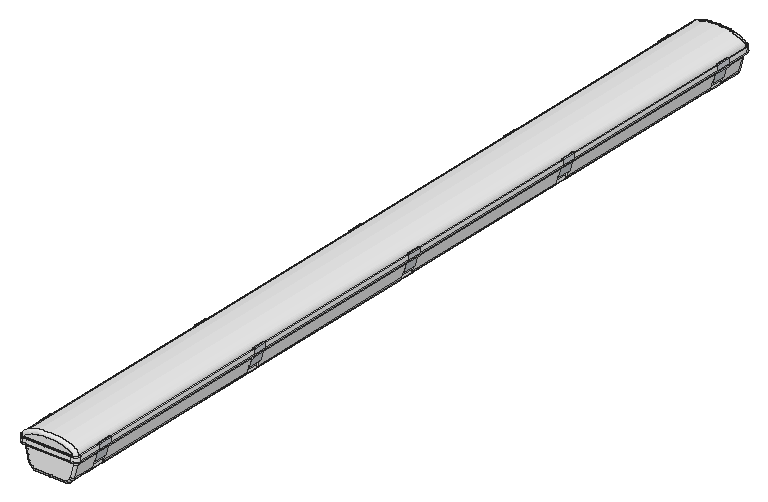
Revit family "0048624 Feilo Sylvania Lighting Fixture SRT WTRPRF LED G3 1500MM T 4K", category Lighting Fixtures, host Face, Revit 2017
Family settings
  Host = Face
  Round Connector Dimension = Use Diameter
  Part Type = Normal
  OmniClass Number = 23.80.70.11.14
  OmniClass Title = General Luminaries, Directional
  Cut with Voids When Loaded = Yes
  Light Source = Yes
  Shared = No
  Room Calculation Point = No
Parameters
  Width = 110 mm
  Weight = "2.42 kg"
  Wattage Comments = "n/a"
  Wattage = 58 W
  WarrantyStartDate [instance] = "n/a"
  WarrantyGuarantorParts = "n/a"
  WarrantyDurationUnit = "n/a"
  WarrantyDurationParts = "n/a"
  WarrantyDescription = "n/a"
  built-in parameter 1150110 = 1 (stored number, unit not read)
  Voltage = 230 V
  URL = "http://www.sylvania-lighting.com"
  TypeName = "SRT WTRPRF LED G3 1500MM T 4K"
  Type Image = <None>
  Type Comments = "n/a"
  built-in parameter 1114217 = 1 (stored number, unit not read)
  Tilt Angle = -90.00°
  built-in parameter 1150109 = 1 (stored number, unit not read)
  built-in parameter 1150134 = 12
  built-in parameter 1150113 = 1 (stored number, unit not read)
  SerialNumber [instance] = "n/a"
  ReflectorMaterial = none
  PowerFactor = 0.9
  PowerConsumption = "58 W"
  Photometric Web File = "0048624-C.ies"
  NominalWidth = 0 mm
  NominalLength = 1578 mm
  NominalHeight = 78 mm
  Name = "SRT WTRPRF LED G3 1500MM T 4K"
  ModelReference = "SRT WTRPRF LED G3 1500MM T 4K"
  ModelNumber = "0048624"
  Model = "SRT WTRPRF LED G3 1500MM T 4K"
  Material = "polycarbonate housing, polycarbonate diffuser"
  ManufacturerName = "Feilo Sylvania"
  Manufacturer = "Feilo Sylvania"
  LuminousEfficacy = "126 lm/W"
  built-in parameter 1150105 = 581.55 (stored number, unit not read)
  Lumens = 7308 lm
  LuminaireType = "Weatherproof"
  built-in parameter 1150115 = 1 (stored number, unit not read)
  LightOutputRatio = "n/a"
  built-in parameter 1150137 = (empty or 0)
  built-in parameter 1150139 = (empty or 0)
  Length = 1572 mm
  LampsType = Lamp  # "LED"
  LampNominalLuminous = "7300 lm"
  LampMacAdamStep = "3"
  LampColourTemperature = "4000 K"
  LampColourRenderingIndex = "80"
  built-in parameter 1150112 = 1 (stored number, unit not read)
  built-in parameter 1150114 = 1 (stored number, unit not read)
  Lamp = "LED"
  Keynote = "16500"
  InstallationDate [instance] = "n/a"
  InputVoltage = "220-240V~"
  InputNominalFrequency = "50/60 Hz"
  built-in parameter 1150132 = (empty or 0)
  built-in parameter 1150102 = (empty or 0)
  built-in parameter 1150107 = 4000 (stored number, unit not read)
  built-in parameter 1150138 = (empty or 0)
  IngressProtection = "IP65"
  ImpactProtectionIndex = "IK08"
  built-in parameter 1150106 = 5.8155 (stored number, unit not read)
  IfcExportType = "IfcLightFixtureType"
  IfcExportAs = "IfcLightFixtureType"
  ExpectedLife = 50000
  Emit from Rectangle Width = Width - 20 mm  # 90 mm
  Emit from Rectangle Length = Length - 20 mm  # 1552 mm
  Emit Shape Visible in Rendering = no
  ElectricShockClassification = "Class I"
  built-in parameter 1150104 = 11.706 (stored number, unit not read)
  DurationUnit = "hours"
  DocumentationLiterature = "http://www.sylvania-lighting.com/product/en-int/products/0048624"
  DimmingControlOptions = "Non dimmable"
  Dimming Lamp Color Temperature Shift = <None>
  DiffuserMaterial = Diffuser-Sylvania-Transparent
  Description = ""
  Default Elevation = 1219.2 mm
  CreatedOn = "11/9/2017"
  CreatedBy = ""
  Cost = 0
  Color Filter = 16777215
  built-in parameter 1114216 [instance] = (empty or 0)
  ClassificationValue = "EF_70_80"
  ClassificationName = "Uniclass2015"
  BodyMaterial = Body-Sylvania-Gray
  BarCode [instance] = "n/a"
  built-in parameter 1114218 = 1 (stored number, unit not read)
  built-in parameter 1150133 = 10 (stored number, unit not read)
  AssetType = "Fixed"
  AssetIdentifier [instance] = "n/a"
  Assembly Code = "D5020200"
  Apparent Load = 58 VA
  AccessoryMaterial = Diffuser-Sylvania-Glow
Reference planes
  plane 1 "Center (Front/Back)": y = 0
  plane 2: z = 0
  plane 3 "Center (Left/Right)": x = 0
  plane 4: z = 54
  plane 5: x = -27.7
  plane 6: x = -34.8
  plane 7: x = -39.6
  plane 8: x = -42.2
  plane 9: z = 3
  plane 10: z = 7.8
  plane 11: z = 12.3
  plane 12: z = 36.6
  plane 13: z = 42.8
  plane 14: x = -51.1
  plane 15: z = 46.2
  plane 16: x = -55
  plane 17: y = 786
  plane 18: y = -786
  plane 19: x = 27.7
  plane 20: x = 34.8
  plane 21: x = 39.6
  plane 22: x = 42.2
  plane 23: x = 51.1
  plane 24: x = 55
  plane 25: y = 778.4
  plane 26: y = -778.4
  plane 27: y = -774.7
  plane 28: y = 774.7
  plane 29: z = 74
  plane 30: x = -51.5
  plane 31: x = 51.5
  plane 32: z = 55.2
  plane 33: y = -782.5
  plane 34: y = 782.5
  plane 35: x = -37.5
  plane 36: x = 37.5
  plane 37: x = -48.7
  plane 38: x = 48.7
  plane 39: x = 18
  plane 40: x = -18
  plane 41: z = 50.2
  plane 42: z = 24.6
  plane 43: y = 720
  plane 44: y = 706
  plane 45: y = 734
  plane 46: y = -720
  plane 47: y = 720
  plane 48: y = 706
  plane 49: y = 734
  plane 50: y = -720
  plane 51: y = -734
  plane 52: y = -706
  plane 53: y = 360
  plane 54: y = 346
  plane 55: y = 374
  plane 56: y = 0
  plane 57: y = -14
  plane 58: y = 14
  plane 59: y = -360
  plane 60: y = -374
  plane 61: y = -346
Forms (mm)
  Sweep 1, solid, material "Body-Sylvania-Gray" <- "BodyMaterial", detail levels medium+fine
    path origin (1223.4, -4572, 54) x (0, -1, 0) y (1, 0, 0)
      loop
        arc (-3796, -1278.4) -> (-3788.929, -1275.471) -> (-3786, -1268.4) r 10
        line (-3786, -1268.4) -> (-3786, -1178.4)
        arc (-3786, -1178.4) -> (-3788.929, -1171.329) -> (-3796, -1168.4) r 10
        line (-3796, -1168.4) -> (-5348, -1168.4)
        arc (-5348, -1168.4) -> (-5355.071, -1171.329) -> (-5358, -1178.4) r 10
        line (-5358, -1178.4) -> (-5358, -1268.4)
        arc (-5358, -1268.4) -> (-5355.071, -1275.471) -> (-5348, -1278.4) r 10
        line (-5348, -1278.4) -> (-3796, -1278.4)
    profile origin (-55, 0, 54) x (-1, 0, 0) y (0, 0, 1)
      loop
        line (0, 0) -> (-1, 0) -> (-1, -7.726)
        arc (-1, -7.726) -> (-1.994, -9.498) -> (-3.9, -10.2) r 2.937
        line (-3.9, -10.2) -> (-8.571, -10.2) -> (-8.571, -11.2) -> (-3.9, -11.2)
        arc (-3.9, -11.2) -> (-1.313, -10.231) -> (0, -7.8) r 3.937
        line (0, -7.8) -> (0, 0)
  Sweep 2, solid, material "Body-Sylvania-Gray" <- "BodyMaterial", detail levels medium+fine
    path origin (0, 0, 0) x (1, 0, 0) y (0, 0, 1)
      loop
        line (48.7, 42.8) -> (48.7, 36.6) -> (42.203, 12.31)
        arc (42.203, 12.31) -> (41.199, 9.884) -> (39.6, 7.8) r 10.052
        line (39.6, 7.8) -> (34.8, 3)
        arc (34.8, 3) -> (31.554, 0.781) -> (27.7, 0) r 9.902
        line (27.7, 0) -> (0, 0) -> (-27.7, 0)
        arc (-27.7, 0) -> (-31.554, 0.781) -> (-34.8, 3) r 9.902
        line (-34.8, 3) -> (-39.6, 7.8)
        arc (-39.6, 7.8) -> (-41.199, 9.884) -> (-42.203, 12.31) r 10.052
        line (-42.203, 12.31) -> (-48.7, 36.6) -> (-48.7, 42.8)
    profile origin (0, 0, 0) x (0, 0, -1) y (0, -1, 0)
      loop
        arc (0, 773.4) -> (-1.464, 776.936) -> (-5, 778.4) r 5
        line (-5, 778.4) -> (-7.8, 778.4) -> (-7.8, -778.4) -> (-5, -778.4)
        arc (-5, -778.4) -> (-1.464, -776.936) -> (0, -773.4) r 5
        line (0, -773.4) -> (0, 773.4)
  Extrusion 3, solid, material "Body-Sylvania-Gray" <- "BodyMaterial", detail levels medium+fine
    sketch origin (1524, 778.4, 1219.2) x (1, 0, 0) y (0, 0, 1)
      loop
        arc (-1558.668, -1204.874) -> (-1558.443, -1205.418) -> (-1558.085, -1205.885) r 2.252
        line (-1558.085, -1205.885) -> (-1553.231, -1210.738)
        arc (-1553.231, -1210.738) -> (-1552.534, -1211.227) -> (-1551.7, -1211.4) r 2.102
        line (-1551.7, -1211.4) -> (-1496.3, -1211.4)
        arc (-1496.3, -1211.4) -> (-1495.466, -1211.227) -> (-1494.769, -1210.738) r 2.102
        line (-1494.769, -1210.738) -> (-1489.915, -1205.885)
        arc (-1489.915, -1205.885) -> (-1489.557, -1205.418) -> (-1489.332, -1204.874) r 2.252
        line (-1489.332, -1204.874) -> (-1483.1, -1181.575) -> (-1483.1, -1176.4) -> (-1564.9, -1176.4) -> (-1564.9, -1181.575) -> (-1558.668, -1204.874)
    from 0 to 1556.8
  Sweep 4, solid, material "Diffuser-Sylvania-Transparent" <- "DiffuserMaterial", detail levels medium+fine
    path origin (0, 0, 0) x (1, 0, 0) y (0, 0, 1)
      loop
        spline (-51.5, 55.2) -> (-49.745, 60.066) -> (-44.6, 64.6) -> (-36.416, 68.494) -> (-25.75, 71.481) -> (-13.329, 73.359) -> (0, 74) -> (13.329, 73.359) -> (25.75, 71.481) -> (36.416, 68.494) -> (44.6, 64.6) -> (49.745, 60.066) -> (51.5, 55.2)
    profile origin (51.5, 0, 55.2) x (0, -1, 0) y (1, 0, 0)
      loop
        arc (782.5, -5.5) -> (780.889, -1.611) -> (777, 0) r 5.5
        line (777, 0) -> (-777, 0)
        arc (-777, 0) -> (-780.889, -1.611) -> (-782.5, -5.5) r 5.5
        line (-782.5, -5.5) -> (-782.5, -6.3) -> (-781.5, -6.3) -> (-781.5, -5.5)
        arc (-781.5, -5.5) -> (-780.182, -2.318) -> (-777, -1) r 4.5
        line (-777, -1) -> (777, -1)
        arc (777, -1) -> (780.182, -2.318) -> (781.5, -5.5) r 4.5
        line (781.5, -5.5) -> (781.5, -6.347) -> (782.5, -6.347) -> (782.5, -5.5)
  Extrusion 5, solid, material "Diffuser-Sylvania-Transparent" <- "DiffuserMaterial", detail levels medium+fine
    sketch origin (1524, -782.5, 1219.2) x (1, 0, 0) y (0, 0, 1)
      loop
        line (-1569.653, -1164) -> (-1478.347, -1164)
        spline (-1478.347, -1164) -> (-1478.969, -1162.594) -> (-1482.527, -1159.545) -> (-1489.588, -1156.201) -> (-1499.458, -1153.445) -> (-1511.242, -1151.663) -> (-1524, -1151.049) -> (-1536.758, -1151.663) -> (-1548.542, -1153.445) -> (-1558.412, -1156.201) -> (-1565.473, -1159.545) -> (-1569.031, -1162.594) -> (-1569.653, -1164)
    from 0 to -1
  Extrusion 6, solid, material "Diffuser-Sylvania-Transparent" <- "DiffuserMaterial", detail levels medium+fine
    sketch origin (1524, 782.5, 1219.2) x (1, 0, 0) y (0, 0, 1)
      loop
        spline (-1478.3, -1164) -> (-1478.931, -1162.565) -> (-1482.502, -1159.505) -> (-1489.572, -1156.155) -> (-1499.446, -1153.394) -> (-1511.236, -1151.614) -> (-1524, -1151.007) -> (-1536.764, -1151.614) -> (-1548.554, -1153.394) -> (-1558.428, -1156.155) -> (-1565.498, -1159.505) -> (-1569.069, -1162.565) -> (-1569.7, -1164)
        line (-1569.7, -1164) -> (-1478.3, -1164)
    from 0 to 1
  Extrusion 7, solid, material "Diffuser-Sylvania-Transparent" <- "DiffuserMaterial", detail levels medium+fine
    sketch origin (1223.4, -4572, 55.2) x (0, -1, 0) y (-1, 0, 0)
      loop
        arc (-5353.5, 1177.4) -> (-5352.182, 1174.218) -> (-5349, 1172.9) r 4.5
        line (-5349, 1172.9) -> (-3795, 1172.9)
        arc (-3795, 1172.9) -> (-3791.818, 1174.218) -> (-3790.5, 1177.4) r 4.5
        line (-3790.5, 1177.4) -> (-3790.5, 1269.4)
        arc (-3790.5, 1269.4) -> (-3791.818, 1272.582) -> (-3795, 1273.9) r 4.5
        line (-3795, 1273.9) -> (-5349, 1273.9)
        arc (-5349, 1273.9) -> (-5352.182, 1272.582) -> (-5353.5, 1269.4) r 4.5
        line (-5353.5, 1269.4) -> (-5353.5, 1177.4)
      loop
        line (-5358, 1268.4) -> (-5358, 1178.4)
        arc (-5358, 1178.4) -> (-5355.071, 1171.329) -> (-5348, 1168.4) r 10
        line (-5348, 1168.4) -> (-3796, 1168.4)
        arc (-3796, 1168.4) -> (-3788.929, 1171.329) -> (-3786, 1178.4) r 10
        line (-3786, 1178.4) -> (-3786, 1268.4)
        arc (-3786, 1268.4) -> (-3788.929, 1275.471) -> (-3796, 1278.4) r 10
        line (-3796, 1278.4) -> (-5348, 1278.4)
        arc (-5348, 1278.4) -> (-5355.071, 1275.471) -> (-5358, 1268.4) r 10
    from 0 to 1.2
  Extrusion 8, solid, material "Diffuser-Sylvania-Glow" <- "AccessoryMaterial", detail levels fine
    sketch origin (0, 0, 0) x (1, 0, 0) y (0, 0, 1)
      loop
        circle (-18, 50.2) r 8
      loop
        circle (18, 50.2) r 8
    from -774.7 to 774.7
  Extrusion 9, void
    sketch origin (0, 720, 2343.807) x (0, 0, -1) y (-1, 0, 0)
      loop
        line (2340.807, -37.5) -> (2331.507, -37.5) -> (2319.207, -42.2) -> (2319.207, -48.7) -> (2340.807, -48.7) -> (2340.807, -37.5)
      loop
        line (2340.807, 37.5) -> (2340.807, 48.7) -> (2319.207, 48.7) -> (2319.207, 42.2) -> (2331.507, 37.5) -> (2340.807, 37.5)
    from -14 to 14
  Extrusion 10, solid, material "Body-Sylvania-Gray" <- "BodyMaterial", detail levels coarse
    sketch origin (0, 0, 0) x (1, 0, 0) y (0, 0, 1)
      loop
        line (55, 42.8) -> (55, 55.2) -> (-55, 55.2) -> (-55, 42.791) -> (-42.2, 0) -> (42.2, 0) -> (55, 42.8)
    from -786 to 786
  Extrusion 11, solid, material "Diffuser-Sylvania-Transparent" <- "DiffuserMaterial", detail levels coarse
    sketch origin (0, 0, 0) x (1, 0, 0) y (0, 0, 1)
      loop
        arc (51.5, 55.2) -> (0, 74) -> (-51.5, 55.2) r 79.939
        line (-51.5, 55.2) -> (51.5, 55.2)
    from 778.4 to -778.4
  Extrusion 12, void, not visible
    sketch origin (0, 720, 2343.807) x (0, 0, -1) y (-1, 0, 0)
      loop
        line (2340.807, -37.5) -> (2331.507, -37.5) -> (2319.207, -42.2) -> (2319.207, -48.7) -> (2340.807, -48.7) -> (2340.807, -37.5)
      loop
        line (2340.807, 37.5) -> (2340.807, 48.7) -> (2319.207, 48.7) -> (2319.207, 42.2) -> (2331.507, 37.5) -> (2340.807, 37.5)
    from -14 to 14
  Extrusion 13, void
    sketch origin (0, -720, 2343.807) x (0, 0, -1) y (-1, 0, 0)
      loop
        line (2340.807, -37.5) -> (2331.507, -37.5) -> (2319.207, -42.2) -> (2319.207, -48.7) -> (2340.807, -48.7) -> (2340.807, -37.5)
      loop
        line (2340.807, 37.5) -> (2340.807, 48.7) -> (2319.207, 48.7) -> (2319.207, 42.2) -> (2331.507, 37.5) -> (2340.807, 37.5)
    from -14 to 14
  Extrusion 14, void
    sketch origin (0, 360, 2343.807) x (0, 0, -1) y (-1, 0, 0)
      loop
        line (2340.807, -37.5) -> (2331.507, -37.5) -> (2319.207, -42.2) -> (2319.207, -48.7) -> (2340.807, -48.7) -> (2340.807, -37.5)
      loop
        line (2340.807, 37.5) -> (2340.807, 48.7) -> (2319.207, 48.7) -> (2319.207, 42.2) -> (2331.507, 37.5) -> (2340.807, 37.5)
    from -14 to 14
  Extrusion 15, void
    sketch origin (0, 0, 2343.807) x (0, 0, -1) y (-1, 0, 0)
      loop
        line (2340.807, -37.5) -> (2331.507, -37.5) -> (2319.207, -42.2) -> (2319.207, -48.7) -> (2340.807, -48.7) -> (2340.807, -37.5)
      loop
        line (2340.807, 37.5) -> (2340.807, 48.7) -> (2319.207, 48.7) -> (2319.207, 42.2) -> (2331.507, 37.5) -> (2340.807, 37.5)
    from -14 to 14
  Extrusion 16, void
    sketch origin (0, -360, 2343.807) x (0, 0, -1) y (-1, 0, 0)
      loop
        line (2340.807, -37.5) -> (2331.507, -37.5) -> (2319.207, -42.2) -> (2319.207, -48.7) -> (2340.807, -48.7) -> (2340.807, -37.5)
      loop
        line (2340.807, 37.5) -> (2340.807, 48.7) -> (2319.207, 48.7) -> (2319.207, 42.2) -> (2331.507, 37.5) -> (2340.807, 37.5)
    from -14 to 14
Cuts and joins
  Extrusion 9, Extrusion 13, Extrusion 14, Extrusion 15, Extrusion 16 cuts Sweep 2
  Extrusion 13, Extrusion 14, Extrusion 15, Extrusion 16 cuts Extrusion 3
  joined: Sweep 2, Extrusion 3
  joined: Sweep 4, Extrusion 5, Extrusion 6
Dimensions and locks
  locked: plane 4 to plane 2 at 54
  plane 5 to plane 6 to plane 7 to plane 8 to plane 14 to plane 16 = 7.1 mm locked, 4.8 mm locked, 2.6 mm locked, 8.9 mm, 3.9 mm
  plane 4 to plane 15 to plane 13 to plane 12 to plane 11 to plane 10 to plane 9 = 7.8 mm locked, 3.4 mm, 6.2 mm locked, 24.3 mm locked, 4.5 mm locked, 4.8 mm locked
  equal spacing: plane 18, plane 1 "Center (Front/Back)", plane 17
  "Length": plane 18 to plane 17
  plane 19 to plane 20 to plane 21 to plane 22 to plane 23 to plane 24 = 7.1 mm locked, 4.8 mm locked, 2.6 mm locked, 8.9 mm, 3.9 mm
  equal spacing: plane 24, plane 3 "Center (Left/Right)", plane 16
  "Width": plane 24 to plane 16
  equal spacing: plane 27, plane 1 "Center (Front/Back)", plane 28
  locked: plane 26 to plane 27 at 3.7
  locked: Sweep 1 sketch curve to profile plane at 1
  locked: Sweep 1 sketch curve to plane 13 at 1
  locked: Sweep 1 sketch curve to plane 13 at 3.937  (x2)
  locked: Sweep 1 sketch curve to profile plane at 3.9  (x2)
  locked: plane 29 to plane 4 at 20
  equal spacing: plane 31, plane 3 "Center (Left/Right)", plane 30
  locked: plane 30 to plane 16 at 3.5
  locked: plane 32 to plane 4 at 1.2
  equal spacing: plane 33, plane 1 "Center (Front/Back)", plane 34
  equal spacing: plane 36, plane 3 "Center (Left/Right)", plane 35
  locked: plane 3 "Center (Left/Right)" to plane 35 at 37.5
  locked: plane 34 to plane 17 at 3.5
  equal spacing: plane 38, plane 3 "Center (Left/Right)", plane 37
  locked: plane 37 to plane 16 at 6.3
  equal spacing: plane 25, plane 1 "Center (Front/Back)", plane 26
  locked: plane 17 to plane 25 at 7.6
  locked: Sweep 2 sketch curve to plane 2 at 5  (x2)
  locked: Sweep 2 sketch curve to plane 26 at 5
  locked: plane 25 to Sweep 2 sketch curve at 5
  locked: Sweep 4 sketch curve to plane 31 at 5.5  (x2)
  locked: Sweep 4 sketch curve to plane 34 at 5.5
  plane 33 to Sweep 4 sketch curve = 5.5 mm
  locked: plane 34 to Sweep 4 sketch curve at 1
  locked: Sweep 4 sketch curve to plane 31 at 1
  locked: Sweep 4 sketch curve to Sweep 4 sketch curve at 1
  locked: Sweep 4 sketch curve to plane 31 at 6.347
  locked: Sweep 4 sketch curve to plane 31 at 6.3
  equal spacing: plane 39, plane 3 "Center (Left/Right)", plane 40
  locked: plane 3 "Center (Left/Right)" to plane 40 at 18
  locked: plane 42 to plane 2 at 24.6
  plane 45 to plane 43 to plane 44 = 14 mm locked, 14 mm locked
  locked: plane 17 to plane 43 at 66
  equal spacing: plane 43, plane 1 "Center (Front/Back)", plane 46
  plane 49 to plane 47 to plane 48 = 14 mm locked, 14 mm locked
  plane 52 to plane 50 to plane 51 = 14 mm locked, 14 mm locked  (x2)
  equal spacing: group 1, group 6, group 7, group 8, group 5  (x2)
  equal spacing: group 5, group 8, group 7, group 6, group 1
  plane 55 to plane 53 to plane 54 = 14 mm locked, 14 mm locked  (x2)
  plane 58 to plane 56 to plane 57 = 14 mm locked, 14 mm locked  (x2)
  plane 61 to plane 59 to plane 60 = 14 mm locked, 14 mm locked  (x2)
  plane 43 to plane 53 to plane 1 "Center (Front/Back)" to plane 59 to plane 50 = 360 mm locked, 360 mm locked, 360 mm locked, 360 mm locked
  aligned and locked: plane 2 to host face
  aligned and locked: level to host face
  aligned and locked: plane 16 to Sweep 1 sketch curve
  aligned and locked: Sweep 1 sketch curve to plane 24
  aligned and locked: plane 18 to Sweep 1 sketch curve
  aligned and locked: Sweep 1 sketch curve to plane 13
  aligned and locked: profile plane to Sweep 1 sketch curve
  aligned and locked: plane 3 "Center (Left/Right)" to Sweep 2 sketch curve
  aligned and locked: plane 9 to Sweep 2 sketch curve
  aligned and locked: plane 10 to Sweep 2 sketch curve
  aligned and locked: plane 37 to Sweep 2 sketch curve
  aligned and locked: plane 12 to Sweep 2 sketch curve
  aligned and locked: Sweep 2 sketch curve to level
  aligned and locked: plane 21 to Sweep 2 sketch curve
  aligned and locked: plane 38 to Sweep 2 sketch curve
  aligned and locked: profile plane to Sweep 2 sketch curve
  aligned and locked: plane 25 to Sweep 2 sketch curve
  aligned and locked: Sweep 2 sketch curve to plane 10
  aligned and locked: Extrusion 3 sketch curve to Sweep 2  (x7)
  aligned and locked: Sweep 2 to Extrusion 3 sketch curve
  aligned and locked: Extrusion 3 to plane 25
  aligned and locked: plane 26 to Extrusion 3
  aligned and locked: plane 32 to Sweep 4 sketch curve
  aligned and locked: plane 33 to Sweep 4 sketch curve
  aligned and locked: Sweep 4 to Extrusion 5
  aligned and locked: plane 33 to Extrusion 5
  aligned and locked: Extrusion 5 sketch curve to Sweep 4
  aligned and locked: cut or joined group of Sweep 4, Extrusion 5, Extrusion 6 to Extrusion 6 sketch curve
  aligned and locked: Extrusion 7 sketch curve to cut or joined group of Sweep 4, Extrusion 5, Extrusion 6  (x2)
  aligned and locked: cut or joined group of Sweep 4, Extrusion 5, Extrusion 6 to Extrusion 7 sketch curve  (x2)
  aligned and locked: plane 41 to Extrusion 8 sketch curve  (x2)
  aligned and locked: plane 39 to Extrusion 8 sketch curve
  aligned and locked: plane 27 to Extrusion 8
  aligned and locked: Extrusion 8 to plane 28
  aligned and locked: Extrusion 9 to plane 42
  aligned and locked: plane 9 to Extrusion 9
  aligned and locked: plane 44 to Extrusion 9
  aligned and locked: Extrusion 9 to plane 45
  aligned and locked: Extrusion 7 sketch curve to Sweep 1  (x4)
  aligned and locked: plane 4 to Extrusion 7
  aligned and locked: Extrusion 7 to plane 32
  aligned and locked: nested 2 to plane 43
  aligned and locked: plane 43 to nested 1
  aligned and locked: Extrusion 10 sketch curve to plane 24
  aligned and locked: Extrusion 10 sketch curve to Extrusion 7
  aligned and locked: plane 8 to Extrusion 10 sketch curve
  aligned and locked: plane 22 to Extrusion 10 sketch curve
  aligned and locked: level to Extrusion 10 sketch curve
  aligned and locked: Extrusion 10 to plane 17
  aligned and locked: plane 18 to Extrusion 10
  aligned and locked: cut or joined group of Sweep 4, Extrusion 5, Extrusion 6 to Extrusion 11 sketch curve
  aligned and locked: Extrusion 11 sketch curve to cut or joined group of Sweep 4, Extrusion 5, Extrusion 6  (x2)
  aligned and locked: plane 31 to Extrusion 11 sketch curve
  aligned and locked: plane 30 to Extrusion 11 sketch curve
  aligned and locked: plane 26 to Extrusion 11
  aligned and locked: Extrusion 11 to plane 25
  aligned and locked: imposter light to plane 29
  aligned and locked: plane 3 "Center (Left/Right)" to imposter light
  aligned and locked: plane 1 "Center (Front/Back)" to imposter light
  aligned and locked: plane 51 to Extrusion 13
  aligned and locked: Extrusion 13 to plane 52
  aligned and locked: plane 54 to Extrusion 14
  aligned and locked: Extrusion 14 to plane 55
  aligned and locked: plane 57 to Extrusion 15
  aligned and locked: Extrusion 15 to plane 58
  aligned and locked: plane 60 to Extrusion 16
  aligned and locked: Extrusion 16 to plane 61
  aligned and locked: nested 3 to plane 53
  aligned and locked: plane 53 to nested 10
  aligned and locked: nested 4 to plane 56
  aligned and locked: plane 56 to nested 9
  aligned and locked: nested 5 to plane 59
  aligned and locked: plane 59 to nested 8
  aligned and locked: nested 6 to plane 50
  aligned and locked: plane 50 to nested 7
Automatic sketch dimensions
  host sketch curve to host sketch curve = 2438.4 mm  (x2)
  plane 17 to Sweep 1 sketch curve = 0 mm
  Sweep 1 sketch curve to plane 28 = 1.3 mm
  Sweep 1 sketch curve to plane 7 = 5.4 mm
  plane 27 to Sweep 1 sketch curve = 1.3 mm  (x2)
  Sweep 1 sketch curve to Sweep 1 sketch curve = 4.671 mm
  Sweep 1 sketch curve to plane 4 = 0 mm
  Sweep 2 sketch curve to plane 7 = 0 mm
  Sweep 2 sketch curve to plane 6 = 0 mm
  Sweep 2 sketch curve to plane 5 = 0 mm
  plane 19 to Sweep 2 sketch curve = 0 mm
  Sweep 2 sketch curve to plane 9 = 0 mm
  plane 20 to Sweep 2 sketch curve = 0 mm
  Sweep 2 sketch curve to plane 12 = 0 mm
  Sweep 2 sketch curve to plane 10 = 0 mm
  Sweep 2 sketch curve to plane 13 = 0 mm  (x2)
  Sweep 2 sketch curve to plane 8 = 0.003 mm
  plane 6 to Sweep 2 sketch curve = 2.308 mm
  plane 20 to Sweep 2 sketch curve = 2.308 mm
  Sweep 2 sketch curve to plane 22 = 0.003 mm
  Sweep 2 sketch curve to plane 11 = 0.01 mm  (x2)
  Extrusion 3 sketch curve to plane 5 = 0 mm
  plane 19 to Extrusion 3 sketch curve = 0 mm
  plane 6 to Extrusion 3 sketch curve = 0.132 mm
  plane 6 to Extrusion 3 sketch curve = 0.715 mm
  Extrusion 3 sketch curve to Extrusion 3 sketch curve = 1.592 mm
  Extrusion 3 sketch curve to plane 10 = 0.662 mm  (x2)
  plane 20 to Extrusion 3 sketch curve = 2.308 mm
  plane 20 to Extrusion 3 sketch curve = 0.715 mm
  plane 20 to Extrusion 3 sketch curve = 0.132 mm
  Sweep 4 sketch curve to plane 30 = 0 mm
  Sweep 4 sketch curve to plane 3 "Center (Left/Right)" = 0 mm
  Sweep 4 sketch curve to Sweep 4 sketch curve = 0 mm  (x2)
  plane 37 to Extrusion 5 sketch curve = 3.047 mm
  Extrusion 5 sketch curve to plane 38 = 3.047 mm
  plane 37 to Extrusion 6 sketch curve = 3 mm
  Extrusion 6 sketch curve to plane 38 = 3 mm
  plane 25 to Extrusion 7 sketch curve = 1.4 mm  (x2)
  Extrusion 7 sketch curve to plane 26 = 1.4 mm  (x2)
  Extrusion 8 sketch curve to plane 40 = 0 mm
  Extrusion 9 sketch curve to Extrusion 9 sketch curve = 0 mm
  Extrusion 9 sketch curve to Extrusion 9 sketch curve = 12.3 mm  (x2)
  Extrusion 9 sketch curve to Extrusion 9 sketch curve = 9.3 mm  (x2)
  Extrusion 9 sketch curve to Extrusion 9 sketch curve = 6.5 mm
  Extrusion 9 sketch curve to Extrusion 9 sketch curve = 4.7 mm  (x2)
  Extrusion 9 sketch curve to Extrusion 9 sketch curve = 75 mm
  Extrusion 9 sketch curve to Extrusion 9 sketch curve = 11.2 mm
  Extrusion 10 sketch curve to plane 13 = 0 mm
  plane 13 to Extrusion 10 sketch curve = 0.009 mm
  Extrusion 11 sketch curve to level = 5.939 mm
  Extrusion 10 sketch curve to plane 16 = 0 mm
  Extrusion 12 sketch curve to Extrusion 12 sketch curve = 0 mm
  Extrusion 12 sketch curve to Extrusion 12 sketch curve = 12.3 mm  (x2)
  Extrusion 12 sketch curve to Extrusion 12 sketch curve = 9.3 mm  (x2)
  Extrusion 12 sketch curve to Extrusion 12 sketch curve = 6.5 mm
  Extrusion 12 sketch curve to Extrusion 12 sketch curve = 4.7 mm  (x2)
  Extrusion 12 sketch curve to Extrusion 12 sketch curve = 75 mm
  Extrusion 12 sketch curve to Extrusion 12 sketch curve = 11.2 mm
  Extrusion 13 sketch curve to Extrusion 13 sketch curve = 0 mm
  Extrusion 13 sketch curve to Extrusion 13 sketch curve = 12.3 mm  (x2)
  Extrusion 13 sketch curve to Extrusion 13 sketch curve = 9.3 mm  (x2)
  Extrusion 13 sketch curve to Extrusion 13 sketch curve = 6.5 mm
  Extrusion 13 sketch curve to Extrusion 13 sketch curve = 4.7 mm  (x2)
  Extrusion 13 sketch curve to Extrusion 13 sketch curve = 75 mm
  Extrusion 13 sketch curve to Extrusion 13 sketch curve = 11.2 mm
  Extrusion 14 sketch curve to Extrusion 14 sketch curve = 0 mm
  Extrusion 14 sketch curve to Extrusion 14 sketch curve = 12.3 mm  (x2)
  Extrusion 14 sketch curve to Extrusion 14 sketch curve = 9.3 mm  (x2)
  Extrusion 14 sketch curve to Extrusion 14 sketch curve = 6.5 mm
  Extrusion 14 sketch curve to Extrusion 14 sketch curve = 4.7 mm  (x2)
  Extrusion 14 sketch curve to Extrusion 14 sketch curve = 75 mm
  Extrusion 14 sketch curve to Extrusion 14 sketch curve = 11.2 mm
  Extrusion 15 sketch curve to Extrusion 15 sketch curve = 0 mm
  Extrusion 15 sketch curve to Extrusion 15 sketch curve = 12.3 mm  (x2)
  Extrusion 15 sketch curve to Extrusion 15 sketch curve = 9.3 mm  (x2)
  Extrusion 15 sketch curve to Extrusion 15 sketch curve = 6.5 mm
  Extrusion 15 sketch curve to Extrusion 15 sketch curve = 4.7 mm  (x2)
  Extrusion 15 sketch curve to Extrusion 15 sketch curve = 75 mm
  Extrusion 15 sketch curve to Extrusion 15 sketch curve = 11.2 mm
  Extrusion 16 sketch curve to Extrusion 16 sketch curve = 0 mm
  Extrusion 16 sketch curve to Extrusion 16 sketch curve = 12.3 mm  (x2)
  Extrusion 16 sketch curve to Extrusion 16 sketch curve = 9.3 mm  (x2)
  Extrusion 16 sketch curve to Extrusion 16 sketch curve = 6.5 mm
  Extrusion 16 sketch curve to Extrusion 16 sketch curve = 4.7 mm  (x2)
  Extrusion 16 sketch curve to Extrusion 16 sketch curve = 75 mm
  Extrusion 16 sketch curve to Extrusion 16 sketch curve = 11.2 mm
  radius of Extrusion 8 sketch curve = 8 mm  (x2)
Nested families
  nested 1: "Clip" at (42.2, 720, 24.6), type "Clip", detail levels fine
  nested 2: "Clip" at (-42.2, 720, 24.6) x (-1, 0, 0) z (0, 0, 1), type "Clip", detail levels fine
  nested 3: "Clip" at (-42.2, 360, 24.6) x (-1, 0, 0) z (0, 0, 1), type "Clip", detail levels fine
  nested 4: "Clip" at (-42.2, 0, 24.6) x (-1, 0, 0) z (0, 0, 1), type "Clip", detail levels fine
  nested 5: "Clip" at (-42.2, -360, 24.6) x (-1, 0, 0) z (0, 0, 1), type "Clip", detail levels fine
  nested 6: "Clip" at (-42.2, -720, 24.6) x (-1, 0, 0) z (0, 0, 1), type "Clip", detail levels fine
  nested 7: "Clip" at (42.2, -720, 24.6), type "Clip", detail levels fine
  nested 8: "Clip" at (42.2, -360, 24.6), type "Clip", detail levels fine
  nested 9: "Clip" at (42.2, 0, 24.6), type "Clip", detail levels fine
  nested 10: "Clip" at (42.2, 360, 24.6), type "Clip", detail levels fine
Connectors
  electrical at (0, 0, 0), driven by "Apparent Load"
    settings: index 1, voltage 230 V, apparent load 58 VA, apparent load phase1 0 VA, apparent load phase2 0 VA, apparent load phase3 0 VA, power factor 0, load classification "Lighting", number of poles 1, system type 30, power factor state 1, is connector primary yes, connector utility no, sub classification motor no, connector description ""
Definition of nested family "Clip"
  Parameters (values of type "Clip")
    URL = "http://www.feilosylvania.com"
    Type Comments = "n/a"
    Model = "n/a"
    Manufacturer = "Feilo Sylvania"
    Keynote = "n/a"
    Description = "n/a"
    Default Elevation = 1219.2 mm
    Cost = 0
    BodyMaterial = none
    Assembly Code = "n/a"
  Reference planes
    plane 1 "Center (Front/Back)": y = 0
    plane 2: z = 0
    plane 3 "Center (Left/Right)": x = 0
    plane 4: x = 3.3
    plane 5: x = 6.5
    plane 6: x = 8.9
    plane 7: x = 12.8
    plane 8: z = 12
    plane 9: z = 18.2
    plane 10: z = 21.6
    plane 11: z = 30.6
    plane 12: x = 9.3
    plane 13: z = 19.2
    plane 14: z = 16.2
    plane 15: x = 10.1
    plane 16: y = 12
    plane 17: y = -12
  Forms (mm)
    Extrusion 1, solid
      sketch origin (-0.8, 0, 0) x (1, 0, 0) y (0, 1, 0)
        loop
          line (-1219.2, 1219.2) -> (-1219.2, -1219.2) -> (1219.2, -1219.2) -> (1219.2, 1219.2) -> (-1219.2, 1219.2)
      from 0 to -304.8
    Extrusion 2, solid
      sketch origin (0, 0, 0) x (1, 0, 0) y (0, 0, 1)
        loop
          line (8.9, 16.2) -> (4.58, 0) -> (0, 0) -> (0, -0.8) -> (5.195, -0.8) -> (9.603, 15.731) -> (13.6, 18.806) -> (13.6, 30.6)
          arc (13.6, 30.6) -> (11.45, 32.75) -> (9.3, 30.6) r 2.15
          line (9.3, 30.6) -> (10.1, 30.6)
          arc (10.1, 30.6) -> (11.45, 31.95) -> (12.8, 30.6) r 1.35
          line (12.8, 30.6) -> (12.8, 19.2) -> (8.9, 16.2)
      from -12 to 12
  Lines and regions (mm)
    reference lines
      curve 1: line (3.3, 0, 0) -> (6.5, 0, 12)
      curve 2: arc (8.9, 0, 18.2) -> (11.488, 0, 19.169) -> (12.8, 0, 21.6) r 3.934
  Dimensions and locks
    plane 7 to plane 6 to plane 5 to plane 4 to plane 3 "Center (Left/Right)" = 3.9 mm locked, 2.4 mm locked, 3.2 mm locked, 3.3 mm locked
    plane 11 to plane 10 to plane 9 to plane 8 to plane 2 = 9 mm locked, 3.4 mm locked, 6.2 mm locked, 12 mm locked
    locked: plane 7 to plane 12 at 3.5
    locked: plane 13 to plane 9 at 1
    locked: plane 9 to plane 14 at 2
    locked: plane 15 to plane 12 at 0.8
    locked: plane 2 to Extrusion 2 sketch curve at 0.8
    locked: Extrusion 2 sketch curve to Extrusion 2 sketch curve at 0.8  (x3)
    locked: plane 7 to Extrusion 2 sketch curve at 1.35
    equal spacing: plane 17, plane 1 "Center (Front/Back)", plane 16
    locked: plane 1 "Center (Front/Back)" to plane 16 at 12
    aligned and locked: plane 2 to Extrusion 1
    aligned and locked: level to Extrusion 1
    aligned and locked: plane 4 to curve 1
    aligned and locked: plane 5 to curve 1
    aligned and locked: plane 6 to curve 2
    aligned and locked: plane 10 to curve 2
    aligned and locked: plane 14 to Extrusion 2 sketch curve
    aligned and locked: plane 13 to Extrusion 2 sketch curve
    aligned and locked: plane 7 to Extrusion 2 sketch curve
    aligned and locked: plane 3 "Center (Left/Right)" to Extrusion 2 sketch curve
    aligned and locked: Extrusion 2 sketch curve to level
    aligned and locked: Extrusion 2 sketch curve to plane 11
    aligned and locked: plane 11 to Extrusion 2 sketch curve
    aligned and locked: Extrusion 2 to plane 16
    aligned and locked: plane 17 to Extrusion 2
  Automatic sketch dimensions
    Extrusion 1 sketch curve to Extrusion 1 sketch curve = 2438.4 mm  (x2)
    curve 2 to plane 7 = 0 mm
    curve 1 to level = 0 mm
    curve 1 to plane 8 = 0 mm
    curve 2 to plane 9 = 0 mm
    plane 6 to curve 2 = 0.002 mm
    Extrusion 2 sketch curve to Extrusion 2 sketch curve = 0 mm
    Extrusion 2 sketch curve to plane 6 = 0 mm
    plane 4 to Extrusion 2 sketch curve = 1.28 mm
